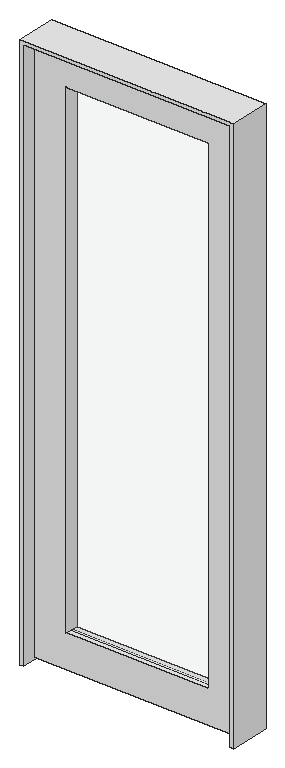
Revit family "Sliding Single Glass", category Doors, host Wall, Revit 2015
Parameters (values of type "8x21M")
  Wall Thickness [instance] = 150 mm
  URL = ""
  Thickness = 50 mm
  Rough Width = 800 mm
  Rough Height = 2100 mm
  Rail Width = 120 mm
  Offset [instance] = 0 mm
  Module Width = Rough Width / 100 mm  # 8
  Module Height = Rough Height / 100 mm  # 21
  Material Frame = none
  Material Panel = none
  Material Glass = none
  Height [instance] = Rough Height  # 2100 mm
  Wall Closure = By host
  Width [instance] = Rough Width  # 800 mm
  Function = Interior
  Frame Width = 12 mm
  Fire Rating = "-"
  DoorBasalOpening = ""
  Assembly Code = ""
  Analytic Construction = "<None>"
Reference planes
  plane 1 "Center (Front/Back)": y = -1.032
  plane 2 "Center (Left/Right)": x = 0
  plane 3 "Left": x = -400
  plane 4 "Right": x = 400
  plane 5 "Exterior": y = 73.968
  plane 6 "Interior": y = -76.032
  plane 7 "Bottom Panel": z = 10
  plane 8: z = 2100
  plane 9 "Center Panel": y = -1.032
  plane 10: x = -1200
  plane 11: x = -1212
  plane 12: z = 1050
Forms (mm)
  Sweep 1, solid, material <- "Material Frame"
    path in 3D
      loop
        line (400, 73.968, 0) -> (400, 73.968, 2100) -> (-400, 73.968, 2100) -> (-400, 73.968, 0)
    profile origin (-400, 73.968, 1050) x (1, 0, 0) y (0, 1, 0)
      loop
        line (0, 0) -> (0, -150) -> (12, -150) -> (12, 0) -> (0, 0)
  Extrusion 2, solid, material <- "Material Panel"
    sketch origin (0, -1.032, 0) x (-1, 0, 0) y (0, 0, 1)
      loop
        line (-388, 10) -> (388, 10) -> (388, 2088) -> (-388, 2088) -> (-388, 10)
      loop
        line (-268, 130) -> (268, 130) -> (268, 1968) -> (-268, 1968) -> (-268, 130)
    from 25 to -25
  Extrusion 3, solid, material <- "Material Glass"
    sketch origin (0, -1.032, 0) x (-1, 0, 0) y (0, 0, 1)
      loop
        line (-268, 130) -> (268, 130) -> (268, 1968) -> (-268, 1968) -> (-268, 130)
    from 5 to -5
Lines and regions (mm)
  Opening 1
    outline origin (-3050, -76.032, 0) x (1, 0, 0) y (0, 0, 1)
      loop
        line (2650, 0) -> (3450, 0) -> (3450, 2100) -> (2650, 2100) -> (2650, 0)
  Masking region 1, detail levels medium+fine
    outline origin (0, 0, 0) x (1, 0, 0) y (0, 1, 0)
      loop
        line (-800, -26.032) -> (-680, -26.032) -> (-680, 23.968) -> (-800, 23.968) -> (-800, -26.032)
      loop
        line (0, 23.968) -> (-120, 23.968) -> (-120, -26.032) -> (0, -26.032) -> (0, 23.968)
  Masking region 2, detail levels fine
    outline origin (0, 0, 0) x (1, 0, 0) y (0, 1, 0)
      loop
        line (-680, 3.968) -> (-680, -6.032) -> (-120, -6.032) -> (-120, 3.968) -> (-680, 3.968)
  Masking region 3, detail levels medium+fine
    outline origin (0, 0, 0) x (1, 0, 0) y (0, 1, 0)
      loop
        line (-680, 23.968) -> (-680, -26.032) -> (-120, -26.032) -> (-120, 23.968) -> (-680, 23.968)
  model lines, style "DoorsPanelProjection", detail levels medium+fine
    curve 1: line (360, 23.968, 1040) -> (360, 23.968, 950)
    curve 2: line (330, 23.968, 1040) -> (360, 23.968, 1040)
    curve 3: line (330, 23.968, 950) -> (330, 23.968, 1040)
    curve 4: line (360, 23.968, 950) -> (330, 23.968, 950)
    curve 5: line (330, -26.032, 1040) -> (360, -26.032, 1040)
    curve 6: line (360, -26.032, 1040) -> (360, -26.032, 950)
    curve 7: line (360, -26.032, 950) -> (330, -26.032, 950)
    curve 8: line (330, -26.032, 950) -> (330, -26.032, 1040)
  symbolic lines, detail levels medium+fine
    curve 9: line (400, -76.032, 0) -> (400, 73.968, 0)
  symbolic lines, style "DoorsPanelProjection", detail levels coarse
    curve 10: line (0, -1.032, 0) -> (-800, -1.032, 0)
  sketch lines
    curve 11: line (-400, 73.968, 2100) -> (-400, 73.968, 0)
    curve 12: line (400, 73.968, 2100) -> (-400, 73.968, 2100)
    curve 13: line (400, 73.968, 0) -> (400, 73.968, 2100)
  symbolic lines, style "Plan Swing"
    curve 14: line (-300, 98.786, 0) -> (0, 98.786, 0)
    curve 15: line (0, 98.786, 0) -> (-108.757, 149.5, 0)
  symbolic lines, style "DoorsFrameMullionProjection", detail levels fine
    curve 16: line (-1200, 73.968, 0) -> (-1200, -76.032, 0)
    curve 17: line (-1212, 73.968, 0) -> (-1212, -76.032, 0)
    curve 18: line (-400, 73.968, 0) -> (-388, 73.968, 0)
    curve 19: line (-400, -76.032, 0) -> (-400, 73.968, 0)
    curve 20: line (-388, -76.032, 0) -> (-400, -76.032, 0)
    curve 21: line (-388, 73.968, 0) -> (-388, -76.032, 0)
    curve 22: line (388, 73.968, 0) -> (400, 73.968, 0)
    curve 23: line (388, -76.032, 0) -> (388, 73.968, 0)
    curve 24: line (400, -76.032, 0) -> (388, -76.032, 0)
    curve 25: line (400, 73.968, 0) -> (400, -76.032, 0)
  symbolic lines, style "Elevation Swing"
    curve 26: line (400, -1.032, 1050) -> (-400, -1.032, 1050)
    curve 27: line (-400, -1.032, 1050) -> (-226.795, -1.032, 1150)
    curve 28: line (-400, -1.032, 1050) -> (-226.795, -1.032, 950)
  symbolic lines, style "DoorsPanelProjection", detail levels medium
    curve 29: line (-680, -1.032, 0) -> (-120, -1.032, 0)
Text (mm)
  text "Exterior" at (-2295.016, 1099.543, 0), in view "Ref. Level"
  text "Exterior" at (0, 1615.38, 3698.081), in view "Left"
  text "Exterior" at (0, 1036.032, 3874.932), in view "Right"
Dimensions and locks
  equal spacing: plane 3 "Left", plane 2 "Center (Left/Right)", plane 4 "Right"
  "Rough Width": plane 3 "Left" to plane 4 "Right"
  "Rough Height": level to plane 8
  locked: plane 5 "Exterior" to host wall at 0
  locked: plane 6 "Interior" to host wall
  locked: host wall to plane 7 "Bottom Panel" at 10
  locked: level to curve 4 at 950
  locked: curve 6 to plane 4 "Right" at 40
  "Width": Masking region 1 to Masking region 1
  "Offset": plane 1 "Center (Front/Back)" to plane 9 "Center Panel"
  "Frame Width": plane 3 "Left" to Sweep 1 sketch curve
  "Wall Thickness": host wall to host wall
  "Rough Width": plane 10 to plane 3 "Left"
  "Frame Width": plane 11 to plane 10
  locked: curve 14 to plane 3 "Left" at 100
  locked: curve 15 to curve 15 at 120
  equal spacing: level, plane 12, plane 8
  equal spacing: Extrusion 2, plane 9 "Center Panel", Extrusion 2
  "Thickness": Extrusion 2 to Extrusion 2
  locked: curve 14 to Extrusion 2 at 74.818
  "Rail Width": Extrusion 2 to Sweep 1  (x3)
  "Rail Width": Extrusion 2 to Extrusion 2
  equal spacing: Extrusion 3, plane 9 "Center Panel", Extrusion 3
  locked: Extrusion 3 to Extrusion 3 at 10
  "Rail Width": Masking region 1 sketch curve to Masking region 1 sketch curve
  "Rail Width": Masking region 1 sketch curve to plane 2 "Center (Left/Right)"
  locked: curve 15 to curve 14 (angle 25.00°)
  aligned and locked: plane 3 "Left" to Opening 1 sketch curve
  aligned and locked: Opening 1 sketch curve to plane 4 "Right"
  aligned and locked: Opening 1 sketch curve to level
  aligned and locked: plane 1 "Center (Front/Back)" to host wall
  aligned and locked: curve 5 to curve 2
  aligned and locked: curve 6 to curve 1
  aligned and locked: curve 8 to curve 3
  aligned and locked: Opening 1 sketch curve to plane 8
  aligned and locked: plane 2 "Center (Left/Right)" to Masking region 1
  aligned and locked: plane 9 "Center Panel" to curve 10
  aligned and locked: plane 2 "Center (Left/Right)" to curve 10
  aligned and locked: Masking region 1 to curve 10
  aligned and locked: Sweep 1 sketch curve to plane 6 "Interior"
  aligned and locked: Sweep 1 sketch curve to plane 3 "Left"
  aligned and locked: plane 5 "Exterior" to Sweep 1 sketch curve
  aligned and locked: plane 2 "Center (Left/Right)" to curve 14
  aligned and locked: curve 17 to plane 11
  aligned and locked: host wall to curve 17  (x2)
  aligned and locked: host wall to curve 16  (x2)
  aligned and locked: curve 19 to plane 3 "Left"
  aligned and locked: plane 5 "Exterior" to curve 18
  aligned and locked: curve 21 to Sweep 1
  aligned and locked: curve 20 to plane 6 "Interior"
  aligned and locked: plane 4 "Right" to curve 25
  aligned and locked: plane 5 "Exterior" to curve 22
  aligned and locked: curve 24 to plane 6 "Interior"
  aligned and locked: curve 23 to Sweep 1
  aligned and locked: Sweep 1 to Extrusion 2 sketch curve
  aligned and locked: Extrusion 2 sketch curve to Sweep 1  (x2)
  aligned and locked: Extrusion 2 sketch curve to plane 7 "Bottom Panel"
  aligned and locked: Extrusion 2 to Masking region 1 sketch curve  (x3)
  aligned and locked: Masking region 1 sketch curve to Extrusion 2
  aligned and locked: Extrusion 3 sketch curve to Extrusion 2  (x4)
  aligned and locked: Masking region 2 sketch curve to Extrusion 3  (x2)
  aligned and locked: Masking region 1 to Masking region 2 sketch curve  (x2)
  aligned and locked: Masking region 3 sketch curve to Masking region 1  (x3)
  aligned and locked: Masking region 1 to Masking region 3 sketch curve
  aligned and locked: Masking region 1 to curve 29  (x2)
  aligned and locked: curve 29 to plane 9 "Center Panel"
Automatic sketch dimensions
  curve 9 to host wall = 0 mm
  curve 9 to plane 4 "Right" = 0 mm
  host wall to curve 9 = 0 mm
  plane 4 "Right" to curve 26 = 0 mm
  plane 3 "Left" to curve 28 = 0 mm
  curve 27 to plane 12 = 0 mm
  curve 27 to plane 3 "Left" = 173.205 mm
  curve 28 to plane 3 "Left" = 173.205 mm
  curve 28 to plane 12 = 100 mm
  plane 12 to curve 27 = 100 mm
  Extrusion 2 to curve 6 = 940 mm
  curve 5 to curve 5 = 30 mm
  curve 6 to curve 6 = 90 mm
  plane 4 "Right" to Extrusion 2 sketch curve = 132 mm
  Extrusion 2 sketch curve to plane 3 "Left" = 132 mm
  Extrusion 2 sketch curve to plane 7 "Bottom Panel" = 120 mm
  plane 8 to Extrusion 2 sketch curve = 132 mm
  curve 16 to plane 10 = 0 mm
  Masking region 1 sketch curve to plane 2 "Center (Left/Right)" = 0 mm
  plane 3 "Left" to Masking region 1 sketch curve = 280 mm
